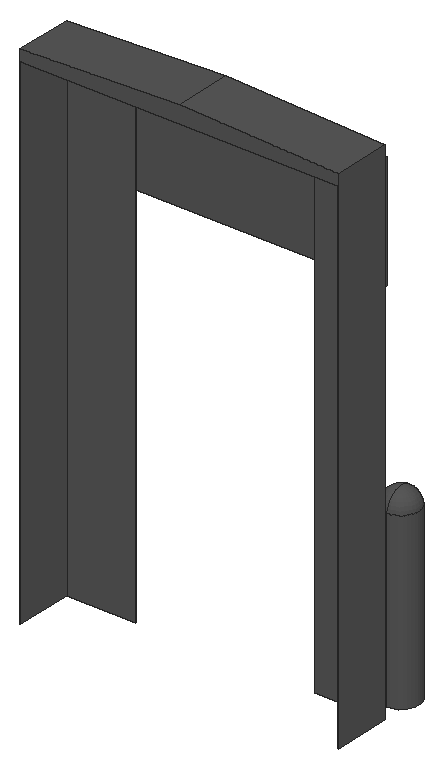
Revit family "Dock-Shelter_Perma-Tech_PS-40-Ground-Level", category Generic Models, host Wall, Revit 2026
Family settings
  Host = Wall
  Can host rebar = No
  Round Connector Dimension = Use Diameter
  Part Type = Normal
  Always vertical = Yes
  Cut with Voids When Loaded = Yes
  Maintain Annotation Orientation = No
  Shared = No
  Room Calculation Point = No
Parameters (values of type "PS-40 Ground Lvl")
  Unit Width = 55"
  Unit Height = 90"
  URL = "https://www.permatechinc.com/"
  Type Comments = ""
  Top Proj. = Head Curtain Proj.  # 9"
  Specification = "https://www.permatechinc.com/catalog/p-100023/rigid-ground-shelter"
  Side Pad Width = 3.14961"
  Product Info = "https://www.arcat.com/arcatcos/cos51/arc51419.html"
  Opening Width = Unit Width - 3.93701"  # 51.06299"
  Product Page URL = "https://www.permatechinc.com/catalog"
  Product Documentation Link = "https://www.permatechinc.com/documents/dock-shelters/Spec%20Sheets/spec%20sheet-Ground%20Rigid%20Shelter-PT19.pdf"
  Opening Height = Unit Height - 6"  # 84"
  Model = "Rigid Ground Shelter"
  Manufacturer = "Perma Tech Inc."  # constant formula
  Keynote = ""
  Description = ""
  Default Elevation = 0"
  Curtain Drop = 23"
  Head Curtain Proj. = 9"
  Side Curtain Width = 12"
  Cover = Cover Black
  Cost = 0
  Copyright = "2021 Perma Tech Inc."  # constant formula
  Bottom Proj. = Top Proj.  # 9"
  Ballards Height = 30"
  Assembly Code = ""
  Arcat Spec = "https://www.arcat.com/company/perma-tech--inc-51419/spec"
Reference planes (in)
  plane 1: y = 0
  plane 2 "Center (Left/Right)": x = -0.32239
  plane 3 "Right": x = 25.20911
  plane 4 "Left": x = -25.85388
  plane 5 "Top": z = 90
  plane 6: x = 27.17761
  plane 7: x = -27.82239
  plane 8: x = 15.17761
  plane 9: x = -15.82239
  plane 10: z = 84
  plane 11: z = 0
  plane 12: z = 3
  plane 13 "2": z = 87
  plane 14: y = 12.95276
  plane 15: y = 12.95276
  plane 16: y = 11.95276
  plane 17: z = 88.5
  plane 18: y = 18.95276
  plane 19: z = 67
Forms (in)
  Extrusion 1, solid, material "Cover Black" <- "Cover"
    sketch origin (46.20421, -9, 19.68504) x (1, 0, 0) y (0, 1, 0)
      loop
        line (-74.02659, 21.95276) -> (-74.02659, 11.95276) -> (-73.94785, 11.95276) -> (-73.94785, 21.87402) -> (-62.02659, 21.87402) -> (-62.02659, 21.95276) -> (-74.02659, 21.95276)
      loop
        line (-31.02659, 21.87402) -> (-19.10533, 21.87402) -> (-19.10533, 11.95276) -> (-19.02659, 11.95276) -> (-19.02659, 21.95276) -> (-31.02659, 21.95276) -> (-31.02659, 21.87402)
    from -19.68504 to 68.81496
  Extrusion 2, solid, material "Cover Black" <- "Cover"
    sketch origin (-29.06496, 2.95276, 48) x (-1, 0, 0) y (0, 0, -1)
      loop
        line (-56.24257, -39) -> (-56.24257, -41) -> (-28.74257, -42) -> (-1.24257, -41) -> (-1.24257, -39) -> (-56.24257, -39)
    from 0 to -10
  Extrusion 3, solid, material "Cover Black" <- "Cover"
    sketch origin (15.17761, 12.95276, 19.68504) x (1, 0, 0) y (0, 0, -1)
      loop
        line (12, -47.31496) -> (-43, -47.31496) -> (-43, -67.31496) -> (12, -67.31496) -> (12, -47.31496)
    from 0 to 0.5
  Revolve 4, solid, material "Cover Black" <- "Cover"
    sketch origin (-25.85388, 0, 0) x (0, 1, 0) y (0, 0, 1)
      loop
        line (18.95276, 0) -> (21.95276, 0) -> (21.95276, 30)
        arc (21.95276, 30) -> (21.07408, 32.12132) -> (18.95276, 33) r 3
        line (18.95276, 33) -> (18.95276, 0)
      axis (18.95276, 0) -> (18.95276, 33)
    angle from 0 to 360
  Revolve 5, solid, material "Cover Black" <- "Cover"
    sketch origin (25.20911, 0, 0) x (0, 1, 0) y (0, 0, 1)
      loop
        line (18.95276, 0) -> (18.95276, 33)
        arc (18.95276, 33) -> (16.83144, 32.12132) -> (15.95276, 30) r 3
        line (15.95276, 30) -> (15.95276, 0) -> (18.95276, 0)
      axis (18.95276, 33) -> (18.95276, 0)
    angle from 0 to 360
Cuts and joins
  joined: Extrusion 1, Extrusion 2
Lines and regions (in)
  Opening 1
    outline origin (-60, -2.95276, 0) x (1, 0, 0) y (0, 0, 1)
      loop
        line (85.20911, 84) -> (34.14612, 84) -> (34.14612, 0) -> (85.20911, 0) -> (85.20911, 84)
Text (in)
  text "Placement Side" at (0, 40.15149, 123.01588), in view "Right"
Dimensions and locks (in)
  equal spacing: plane 4 "Left", plane 2 "Center (Left/Right)", plane 3 "Right"
  "Opening Width": plane 4 "Left" to plane 3 "Right"
  "Unit Width": plane 7 to plane 6
  equal spacing: plane 7, plane 2 "Center (Left/Right)", plane 6
  "Unit Height": plane 11 to plane 5 "Top"
  "Curtain Drop": plane 19 to plane 5 "Top"
  locked: plane 11 to plane 12 at 3
  locked: plane 13 "2" to plane 5 "Top" at 3
  "Side Curtain Width": plane 8 to plane 6
  "Side Curtain Width": plane 7 to plane 9
  locked: Extrusion 1 sketch curve to plane 15 at 0.07874  (x2)
  locked: Extrusion 1 sketch curve to plane 6 at 0.07874
  locked: plane 7 to Extrusion 1 sketch curve at 0.07874
  equal spacing: plane 13 "2", plane 17, plane 5 "Top", locked at 1.5 each
  "Top Proj.": plane 16 to host wall
  locked: nested 2 to plane 13 "2" at 5
  locked: plane 14 to plane 18 at 6
  "Ballards Height": Revolve 4 sketch curve to plane 11
  "Ballards Height": Revolve 5 sketch curve to plane 11
  "Opening Height": plane 11 to plane 10
  locked: plane 16 to plane 14 at 1
  aligned and locked: plane 3 "Right" to Opening 1 sketch curve
  aligned and locked: Opening 1 sketch curve to plane 4 "Left"
  aligned and locked: plane 2 "Center (Left/Right)" to nested 1
  aligned and locked: host wall to nested 1
  aligned and locked: nested 1 to host wall
  aligned and locked: Opening 1 sketch curve to plane 11
  aligned and locked: plane 10 to Opening 1 sketch curve
  aligned and locked: Extrusion 1 sketch curve to plane 7
  aligned and locked: Extrusion 1 sketch curve to plane 9
  aligned and locked: Extrusion 1 sketch curve to plane 8
  aligned and locked: Extrusion 1 sketch curve to plane 6
  aligned and locked: Extrusion 2 to plane 14
  aligned and locked: Extrusion 2 to nested 1
  aligned and locked: plane 15 to Extrusion 1 sketch curve  (x2)
  aligned and locked: plane 13 "2" to Extrusion 2 sketch curve
  aligned and locked: Extrusion 3 sketch curve to plane 13 "2"
  aligned and locked: nested 2 to plane 2 "Center (Left/Right)"
  aligned and locked: plane 15 to Extrusion 3
  aligned and locked: Revolve 4 sketch curve to plane 18
  aligned and locked: plane 18 to Revolve 4 sketch curve
  aligned and locked: Revolve 5 sketch curve to plane 18  (x2)
  aligned and locked: Extrusion 3 sketch curve to plane 19
  aligned and locked: plane 11 to Revolve 4 sketch curve
  aligned and locked: Revolve 5 sketch curve to plane 11
  aligned and locked: Extrusion 3 sketch curve to plane 7
  aligned and locked: Extrusion 3 sketch curve to plane 6
  aligned and locked: cut or joined group of Extrusion 1, Extrusion 2 to plane 17
  aligned and locked: plane 15 to plane 14
Automatic sketch dimensions
  Extrusion 1 sketch curve to host wall = 0"  (x2)
  Extrusion 2 sketch curve to plane 6 = 0"
  Extrusion 2 sketch curve to plane 2 "Center (Left/Right)" = 0"
  Extrusion 2 sketch curve to plane 7 = 0"
  Extrusion 2 sketch curve to plane 5 "Top" = 0"
  Extrusion 2 sketch curve to plane 17 = 1/2"  (x2)
  Revolve 4 sketch curve to Revolve 4 sketch curve = 3"
  Revolve 4 sketch curve to level = 12"
  Revolve 4 sketch curve to Revolve 4 sketch curve = 12"
  Revolve 5 sketch curve to plane 14 = 3"
  Revolve 5 sketch curve to Revolve 5 sketch curve = 12"  (x2)
Nested families (in)
  nested 1: "Opening-Mask" at (-0.32239, 0, 0), type "Opening-Mask"
    with Depth 5.90551", Width 51.06299"
  nested 2: "Logo" at (-0.32239, 13.45276, 82) x (-1, 0, 0) z (0, 1, 0), type "Logo"
Definition of nested family "Logo"
  Parameters (values of type "Logo")
    Default Elevation = 48"
  Reference planes (in)
    plane 1 "Center (Front/Back)": y = 0
    plane 2: z = 0
    plane 3 "Center (Left/Right)": x = 0
    plane 4: x = -3
    plane 5: x = 3
  Forms (in)
    Extrusion 1, solid
      sketch origin (0, 0, 0) x (1, 0, 0) y (0, 1, 0)
        loop
          line (-48, 48) -> (-48, -48) -> (48, -48) -> (48, 48) -> (-48, 48)
      from 0 to -12
    Extrusion 2, solid
      sketch origin (0, 0, 0) x (1, 0, 0) y (0, 1, 0)
        loop
          spline (-2.59837, 0) -> (-2.50983, -0.38823) -> (-2.25025, -0.75) -> (-1.83732, -1.06066) -> (-1.29918, -1.29904) -> (-0.67251, -1.44889) -> (0, -1.5) -> (0.67251, -1.44889) -> (1.29918, -1.29904) -> (1.83732, -1.06066) -> (2.25025, -0.75) -> (2.50983, -0.38823) -> (2.59837, 0)
          spline (2.59837, 0) -> (2.50983, 0.38823) -> (2.25025, 0.75) -> (1.83732, 1.06066) -> (1.29918, 1.29904) -> (0.67251, 1.44889) -> (0, 1.5) -> (-0.67251, 1.44889) -> (-1.29918, 1.29904) -> (-1.83732, 1.06066) -> (-2.25025, 0.75) -> (-2.50983, 0.38823) -> (-2.59837, 0)
        loop
          spline (-1.86168, 0) -> (-1.79824, -0.33972) -> (-1.61226, -0.65628) -> (-1.3164, -0.92813) -> (-0.93084, -1.13672) -> (-0.48184, -1.26784) -> (0, -1.31257) -> (0.48184, -1.26784) -> (0.93084, -1.13672) -> (1.3164, -0.92813) -> (1.61226, -0.65628) -> (1.79824, -0.33972) -> (1.86168, 0)
          spline (1.86168, 0) -> (1.79824, 0.33972) -> (1.61226, 0.65628) -> (1.3164, 0.92813) -> (0.93084, 1.13672) -> (0.48184, 1.26784) -> (0, 1.31257) -> (-0.48184, 1.26784) -> (-0.93084, 1.13672) -> (-1.3164, 0.92813) -> (-1.61226, 0.65628) -> (-1.79824, 0.33972) -> (-1.86168, 0)
        loop
          line (0.11555, 1.02637) -> (0, 0.75)
          arc (0, 0.75) -> (0.35789, 0.18603) -> (-0.04804, -0.34442) r 0.58354
          line (-0.04804, -0.34442) -> (0.02512, -0.67434)
          arc (0.02512, -0.67434) -> (0.87667, 0.13314) -> (0.11555, 1.02637) r 0.85276
        loop
          arc (0, 1.03081) -> (-0.52188, 0.99112) -> (-1.02413, 0.84389) r 2.50576
          arc (-1.02413, 0.84389) -> (-0.77488, -0.04704) -> (-0.96128, -0.95321) r 1.96343
          arc (-0.96128, -0.95321) -> (-0.43975, -1.13998) -> (0.11416, -1.14752) r 1.68485
          arc (0.11416, -1.14752) -> (-0.20192, -0.07193) -> (0, 1.03081) r 2.42296
      from 0 to 0.01471
  Dimensions and locks (in)
    aligned and locked: plane 2 to Extrusion 1
    aligned and locked: level to Extrusion 1
Definition of nested family "Opening-Mask"
  Parameters
    Width = 36"
    Depth [instance] = 8"
  Reference planes (in)
    plane 1 "Center (Front/Back)": y = 0
    plane 2: z = 0
    plane 3 "Center (Left/Right)": x = 0
    plane 4: x = -18
    plane 5: x = 18
    plane 6: y = 4
    plane 7: y = -4
  Lines and regions (in)
    Masking region 1, in view "Ref. Level"
      outline origin (0, 0, 0) x (1, 0, 0) y (0, 1, 0)
        loop
          line (-18, 4) -> (-18, -4) -> (18, -4) -> (18, 4) -> (-18, 4)
  Dimensions and locks (in)
    "Width": plane 4 to plane 5
    "Depth": plane 6 to plane 7
    equal spacing: plane 6, plane 1 "Center (Front/Back)", plane 7
    equal spacing: plane 4, plane 3 "Center (Left/Right)", plane 5
    aligned and locked: Masking region 1 sketch curve to plane 5
    aligned and locked: plane 4 to Masking region 1 sketch curve
    aligned and locked: plane 7 to Masking region 1 sketch curve
    aligned and locked: Masking region 1 sketch curve to plane 6
  Automatic sketch dimensions
    Masking region 1 sketch curve to plane 6 = 0"
